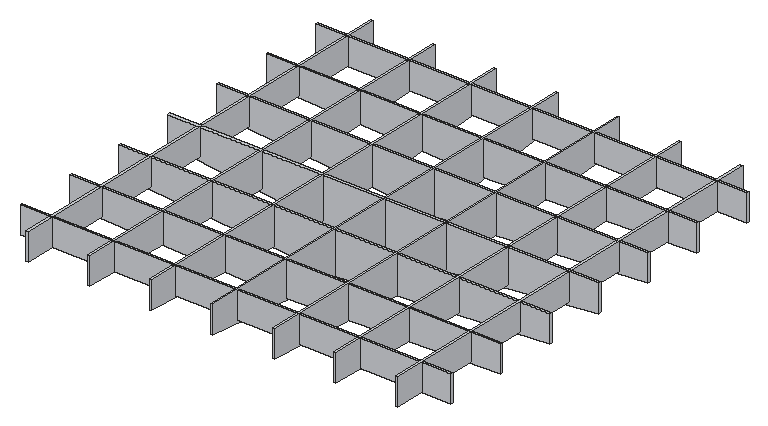
Revit family "J2 PET Felt Conic Cloud Grid", category Specialty Equipment, Revit 2021
Family settings
  Round Connector Dimension = Use Diameter
  Part Type = Normal
  Work Plane-Based = No
  Always vertical = Yes
  Cut with Voids When Loaded = No
  Shared = No
  Room Calculation Point = No
Parameters (values of type "Conic Cloud Grid 8'x8'")
  Nominal Width "Y" (Max. 8') = 8' - 0"
  URL = "https://www.j2systems.net/"
  Symbol Name = "CSCGCO"
  Style Number = "CSCGCO"
  Release Date = "2019"
  Product Line = "Ceiling System"
  Default End Spacing "Y" = ([Nominal Width "Y" (Max. 8')] / 7 / 2)  # 0' - 6.85714"
  Default End Spacing "X" = ([Nominal Length "X" (Max. 8')] / 7 / 2)  # 0' - 6.85714"
  Model = "Conic Cloud Grid"
  Manufacturer = "J2 Systems"  # constant formula
  Nominal Length "X" (Max. 8') = 8' - 0"
  Felt Color = none
  Default Elevation = 0' - 0"
  Default Baffle Spacing "Y" = ([Nominal Width "Y" (Max. 8')] / 7)  # 1' - 1.71429"
  Default Baffle Spacing "X" = ([Nominal Length "X" (Max. 8')] / 7)  # 1' - 1.71429"
  Baffle Height at Edges = 0' - 6"
  Overall Baffle Height = 0' - 11"
  Baffle Height C = ((Overall Baffle Height - Baffle Height at Edges) / 3 + Baffle Height at Edges)  # 0' - 7.66667"
  Baffle Height B = ((Overall Baffle Height - Baffle Height at Edges) / 3 * 2 + Baffle Height at Edges)  # 0' - 9.33333"
Types (3): name | Nominal Width "Y" (Max. 8') | Default End Spacing "Y" | Default End Spacing "X" | Nominal Length "X" (Max. 8') | Default Baffle Spacing "Y" | Default Baffle Spacing "X" | Baffle Height at Edges | Overall Baffle Height | Baffle Height C | Baffle Height B
  Conic Cloud Grid 8'x8' | 8' - 0" | 0' - 6.85714" | 0' - 6.85714" | 8' - 0" | 1' - 1.71429" | 1' - 1.71429" | 0' - 6" | 0' - 11" | 0' - 7.66667" | 0' - 9.33333"
  Conic Cloud Grid 4'x4' | 4' - 0" | 0' - 3.42857" | 0' - 3.42857" | 4' - 0" | 0' - 6.85714" | 0' - 6.85714" | 0' - 4" | 0' - 7" | 0' - 5" | 0' - 6"
  Conic Cloud Grid 6'x6' | 6' - 0" | 0' - 5.14286" | 0' - 5.14286" | 6' - 0" | 0' - 10.28571" | 0' - 10.28571" | 0' - 5" | 0' - 9" | 0' - 6.33333" | 0' - 7.66667"
Reference planes (in)
  plane 1 "Center (Front/Back)": y = 0
  plane 2: z = 0
  plane 3 "Center (Left/Right)": x = 0
  plane 4: y = 48
  plane 5: y = -48
  plane 6: x = -48
  plane 7: x = 48
  plane 8 "Top Edge": z = 11
  plane 9: y = 41.14286
  plane 10: y = -41.14286
  plane 11: x = -41.14286
  plane 12: x = 41.14286
  plane 13 "Center L/T": z = 5
  plane 14 "Center L/U": z = 3.33333
  plane 15 "Center L/V": z = 1.66667
  plane 16: x = -27.42857
  plane 17: x = -13.71429
  plane 18: x = 13.71429
  plane 19: x = 27.42857
  plane 20: y = 27.42857
  plane 21: y = 13.71429
  plane 22: y = -13.71429
  plane 23: y = -27.42857
Dimensions and locks (in)
  equal spacing: plane 4, plane 1 "Center (Front/Back)", plane 5
  equal spacing: plane 6, plane 3 "Center (Left/Right)", plane 7
  "Nominal Length "X" (Max. 8')": plane 4 to plane 5
  "Nominal Width "Y" (Max. 8')": plane 6 to plane 7
  "Overall Baffle Height": plane 8 "Top Edge" to level
  "Default End Spacing "X"": plane 4 to plane 9
  "Default End Spacing "X"": plane 10 to plane 5
  "Default End Spacing "Y"": plane 6 to plane 11
  "Default End Spacing "Y"": plane 12 to plane 7
  "Baffle Height at Edges": plane 8 "Top Edge" to plane 13 "Center L/T"
  "Baffle Height C": plane 8 "Top Edge" to plane 14 "Center L/U"
  "Baffle Height B": plane 8 "Top Edge" to plane 15 "Center L/V"
  "Default Baffle Spacing "Y"": plane 3 "Center (Left/Right)" to plane 18
  "Default Baffle Spacing "Y"": plane 17 to plane 3 "Center (Left/Right)"
  "Default Baffle Spacing "Y"": plane 16 to plane 17
  "Default Baffle Spacing "Y"": plane 18 to plane 19
  "Default Baffle Spacing "X"": plane 22 to plane 1 "Center (Front/Back)"
  "Default Baffle Spacing "X"": plane 1 "Center (Front/Back)" to plane 21
  "Default Baffle Spacing "X"": plane 22 to plane 23
  "Default Baffle Spacing "X"": plane 20 to plane 21
  group 1 to group 2 = 6' - 10.28571"
  group 1 to group 2 = 0' - 0"  (x2)
  group 3 to group 4 = 0' - 0"  (x2)
  group 3 to group 4 = 6' - 10.28571"
  aligned and locked: plane 2 to level
  aligned and locked: nested 1 to plane 10
  aligned and locked: plane 11 to nested 2
  aligned and locked: plane 8 "Top Edge" to nested 1
  aligned and locked: plane 8 "Top Edge" to nested 2
  aligned and locked: plane 12 to nested 3
  aligned and locked: nested 4 to plane 9
  aligned and locked: plane 1 "Center (Front/Back)" to nested 5
  aligned and locked: nested 6 to plane 3 "Center (Left/Right)"
  aligned and locked: nested 8 to plane 22
  aligned and locked: nested 7 to plane 21
  aligned and locked: nested 10 to plane 23
  aligned and locked: nested 9 to plane 20
  aligned and locked: nested 11 to plane 17
  aligned and locked: nested 12 to plane 18
  aligned and locked: nested 13 to plane 16
  aligned and locked: nested 14 to plane 19
  aligned and locked: plane 8 "Top Edge" to nested 8
  aligned and locked: plane 8 "Top Edge" to nested 7
  aligned and locked: plane 8 "Top Edge" to nested 10
  aligned and locked: plane 8 "Top Edge" to nested 9
  aligned and locked: plane 8 "Top Edge" to nested 13
  aligned and locked: plane 8 "Top Edge" to nested 11
  aligned and locked: plane 8 "Top Edge" to nested 12
  aligned and locked: plane 8 "Top Edge" to nested 14
  aligned and locked: plane 8 "Top Edge" to nested 4
  aligned and locked: plane 8 "Top Edge" to nested 3
Nested families (in)
  nested 1: "J2 PET Felt Rectangular Baffle Single" at (0, -41.14286, 5), type "Rectangular Baffle 7'-11" x 11""
    with Baffle Length - Max. 7'-11" 8' - 0", Baffle Height - Max. 3'-11" 0' - 6"
  nested 2: "J2 PET Felt Rectangular Baffle Single B" at (-41.14286, 0, 5) x (0, 1, 0) z (0, 0, 1), type "Rectangular Baffle 7'-11" x 11""
    with Baffle Length (Max. 7'-11") 8' - 0", Baffle Height (Max. 3'-11") 0' - 6"
  nested 3: "J2 PET Felt Rectangular Baffle Single B" at (41.14286, 0, 5) x (0, 1, 0) z (0, 0, 1), type "Rectangular Baffle 7'-11" x 11""
    with Baffle Length (Max. 7'-11") 8' - 0", Baffle Height (Max. 3'-11") 0' - 6"
  nested 4: "J2 PET Felt Rectangular Baffle Single" at (0, 41.14286, 5), type "Rectangular Baffle 7'-11" x 11""
    with Baffle Length - Max. 7'-11" 8' - 0", Baffle Height - Max. 3'-11" 0' - 6"
  nested 5: "J2 PET Felt Conic Baffle XA" at (0, 0, 0), type "Conic Baffle 7'-11" x 11""
    with Baffle Length (Max. 7'-11") 8' - 0", Baffle Height (Max. 3'-11") 0' - 11"
  nested 6: "J2 PET Felt Conic Baffle YA" at (0, 0, 0) x (0, -1, 0) z (0, 0, 1), type "Conic Baffle 7'-11" x 11""
    with Baffle Length (Max. 7'-11") 8' - 0", Baffle Height (Max. 3'-11") 0' - 11"
  nested 7: "J2 PET Felt Conic Baffle XB" at (0, 13.71429, 1.66667), type "Conic Baffle 7'-11" x 11""
    with Baffle Length (Max. 7'-11") 8' - 0", Baffle Height (Max. 3'-11") 0' - 9.33333"
  nested 8: "J2 PET Felt Conic Baffle XB" at (0, -13.71429, 1.66667), type "Conic Baffle 7'-11" x 11""
    with Baffle Length (Max. 7'-11") 8' - 0", Baffle Height (Max. 3'-11") 0' - 9.33333"
  nested 9: "J2 PET Felt Conic Baffle XC" at (0, 27.42857, 3.33333), type "Conic Baffle 7'-11" x 11""
    with Baffle Length (Max. 7'-11") 8' - 0", Baffle Height (Max. 3'-11") 0' - 7.66667"
  nested 10: "J2 PET Felt Conic Baffle XC" at (0, -27.42857, 3.33333), type "Conic Baffle 7'-11" x 11""
    with Baffle Length (Max. 7'-11") 8' - 0", Baffle Height (Max. 3'-11") 0' - 7.66667"
  nested 11: "J2 PET Felt Conic Baffle YB" at (-13.71429, 0, 1.66667) x (0, -1, 0) z (0, 0, 1), type "Conic Baffle 7'-11" x 11""
    with Baffle Length (Max. 7'-11") 8' - 0", Baffle Height (Max. 3'-11") 0' - 9.33333"
  nested 12: "J2 PET Felt Conic Baffle YB" at (13.71429, 0, 1.66667) x (0, -1, 0) z (0, 0, 1), type "Conic Baffle 7'-11" x 11""
    with Baffle Length (Max. 7'-11") 8' - 0", Baffle Height (Max. 3'-11") 0' - 9.33333"
  nested 13: "J2 PET Felt Conic Baffle YC" at (-27.42857, 0, 3.33333) x (0, -1, 0) z (0, 0, 1), type "Conic Baffle 7'-11" x 11""
    with Baffle Length (Max. 7'-11") 8' - 0", Baffle Height (Max. 3'-11") 0' - 7.66667"
  nested 14: "J2 PET Felt Conic Baffle YC" at (27.42857, 0, 3.33333) x (0, -1, 0) z (0, 0, 1), type "Conic Baffle 7'-11" x 11""
    with Baffle Length (Max. 7'-11") 8' - 0", Baffle Height (Max. 3'-11") 0' - 7.66667"
Definition of nested family "J2 PET Felt Rectangular Baffle Single"
  Parameters (values of type "Rectangular Baffle 7'-11" x 11"")
    URL = "https://www.j2systems.net/"
    Symbol Name = "CSBFRE"
    Style Number = "CSBFRE"
    Release Date = "2019"
    Product Line = "Ceiling System"
    Model = "Rectangular Baffle Single"
    Manufacturer = "J2 Systems"  # constant formula
    Baffle Length - Max. 7'-11" = 7' - 11"
    Felt Color = none
    Default Elevation = 0' - 0"
    Baffle Height - Max. 3'-11" = 0' - 11"
  Reference planes (in)
    plane 1 "Center (Front/Back)": y = 0
    plane 2: z = 0
    plane 3 "Center (Left/Right)": x = 0
    plane 4: y = 0.25
    plane 5: y = -0.25
    plane 6: x = -47.5
    plane 7: x = 47.5
    plane 8: z = 11
  Forms (in)
    Extrusion 1, solid, material <- "Felt Color"
      sketch origin (2.375, 0, 0) x (1, 0, 0) y (0, 1, 0)
        loop
          line (-49.875, 0.25) -> (-49.875, -0.25) -> (45.125, -0.25) -> (45.125, 0.25) -> (-49.875, 0.25)
      from 11 to 0
  Dimensions and locks (in)
    equal spacing: plane 6, plane 3 "Center (Left/Right)", plane 7
    "Baffle Length - Max. 7'-11"": plane 6 to plane 7
    "Baffle Height - Max. 3'-11"": plane 8 to level
    Extrusion 1 sketch curve to plane 1 "Center (Front/Back)" to Extrusion 1 sketch curve = 0' - 0 1/4" locked, 0' - 0 1/4" locked
    aligned and locked: plane 2 to level
    aligned and locked: Extrusion 1 to plane 6
    aligned and locked: Extrusion 1 to plane 4
    aligned and locked: Extrusion 1 to plane 5
    aligned and locked: Extrusion 1 sketch curve to plane 7
    aligned and locked: plane 6 to Extrusion 1 sketch curve
    aligned and locked: plane 8 to Extrusion 1
    aligned and locked: Extrusion 1 to level
Definition of nested family "J2 PET Felt Rectangular Baffle Single B"
  Parameters (values of type "Rectangular Baffle 7'-11" x 11"")
    URL = "https://www.j2systems.net/"
    Symbol Name = "CSBFRE"
    Style Number = "CSBFRE"
    Release Date = "2019"
    Product Line = "Ceiling System"
    Model = "Rectangular Baffle Single"
    Manufacturer = "J2 Systems"  # constant formula
    Baffle Length (Max. 7'-11") = 7' - 11"
    Felt Color = none
    Default Elevation = 0' - 0"
    Baffle Height (Max. 3'-11") = 0' - 11"
  Reference planes (in)
    plane 1 "Center (Front/Back)": y = 0
    plane 2: z = 0
    plane 3 "Center (Left/Right)": x = 0
    plane 4: y = 0.25
    plane 5: y = -0.25
    plane 6: x = -47.5
    plane 7: x = 47.5
    plane 8: z = 11
  Forms (in)
    Extrusion 1, solid, material <- "Felt Color"
      sketch origin (2.375, 0, 0) x (1, 0, 0) y (0, 1, 0)
        loop
          line (-49.875, 0.25) -> (-49.875, -0.25) -> (45.125, -0.25) -> (45.125, 0.25) -> (-49.875, 0.25)
      from 11 to 0
  Dimensions and locks (in)
    equal spacing: plane 6, plane 3 "Center (Left/Right)", plane 7
    "Baffle Length (Max. 7'-11")": plane 6 to plane 7
    "Baffle Height (Max. 3'-11")": plane 8 to level
    Extrusion 1 sketch curve to plane 1 "Center (Front/Back)" to Extrusion 1 sketch curve = 0' - 0 1/4" locked, 0' - 0 1/4" locked
    aligned and locked: plane 2 to level
    aligned and locked: Extrusion 1 to plane 6
    aligned and locked: Extrusion 1 to plane 4
    aligned and locked: Extrusion 1 to plane 5
    aligned and locked: Extrusion 1 sketch curve to plane 7
    aligned and locked: plane 6 to Extrusion 1 sketch curve
    aligned and locked: plane 8 to Extrusion 1
    aligned and locked: Extrusion 1 to level
Definition of nested family "J2 PET Felt Conic Baffle XA"
  Parameters (values of type "Conic Baffle 7'-11" x 11"")
    URL = "https://www.j2systems.net/"
    Symbol Name = "CSBFCO"
    Style Number = "CSBFCO"
    Release Date = "2019"
    Product Line = "Ceiling System"
    Model = "Conic Baffle Single"
    Manufacturer = "J2 Systems"  # constant formula
    Baffle Length (Max. 7'-11") = 7' - 11"
    Felt Color = none
    Default Elevation = 0' - 0"
    Baffle Height at Edge = 0' - 6"
    Baffle Height (Max. 3'-11") = 1' - 0"
  Reference planes (in)
    plane 1 "Center (Front/Back)": y = 0
    plane 2: z = 0
    plane 3 "Center (Left/Right)": x = 0
    plane 4: y = 0.25
    plane 5: y = -0.25
    plane 6: x = -47.5
    plane 7: x = 47.5
    plane 8: z = 12
    plane 9: z = 6
  Forms (in)
    Extrusion 1, solid, material <- "Felt Color"
      sketch origin (0, 0, 0) x (1, 0, 0) y (0, 0, 1)
        loop
          line (-47.5, 12) -> (-47.5, 6) -> (-0.03588, 0) -> (47.5, 6) -> (47.5, 12) -> (-47.5, 12)
      from -0.25 to 0.25
  Dimensions and locks (in)
    equal spacing: plane 6, plane 3 "Center (Left/Right)", plane 7
    "Baffle Length (Max. 7'-11")": plane 6 to plane 7
    "Baffle Height (Max. 3'-11")": plane 8 to level
    "Baffle Height at Edge": plane 8 to plane 9
    aligned and locked: plane 2 to level
    aligned and locked: Extrusion 1 sketch curve to plane 8
    aligned and locked: Extrusion 1 sketch curve to plane 6
    aligned and locked: Extrusion 1 sketch curve to plane 7
    aligned and locked: plane 9 to Extrusion 1 sketch curve  (x2)
    aligned and locked: level to Extrusion 1 sketch curve
  Automatic sketch dimensions
    Extrusion 1 sketch curve to plane 3 "Center (Left/Right)" = 0' - 0.03588"
Definition of nested family "J2 PET Felt Conic Baffle YA"
  Parameters (values of type "Conic Baffle 7'-11" x 11"")
    URL = "https://www.j2systems.net/"
    Symbol Name = "CSBFCO"
    Style Number = "CSBFCO"
    Release Date = "2019"
    Product Line = "Ceiling System"
    Model = "Conic Baffle Single"
    Manufacturer = "J2 Systems"  # constant formula
    Baffle Length (Max. 7'-11") = 7' - 11"
    Felt Color = none
    Default Elevation = 0' - 0"
    Baffle Height at Edge = 0' - 6"
    Baffle Height (Max. 3'-11") = 1' - 0"
  Reference planes (in)
    plane 1 "Center (Front/Back)": y = 0
    plane 2: z = 0
    plane 3 "Center (Left/Right)": x = 0
    plane 4: y = 0.25
    plane 5: y = -0.25
    plane 6: x = -47.5
    plane 7: x = 47.5
    plane 8: z = 12
    plane 9: z = 6
  Forms (in)
    Extrusion 1, solid, material <- "Felt Color"
      sketch origin (0, 0, 0) x (1, 0, 0) y (0, 0, 1)
        loop
          line (-47.5, 12) -> (-47.5, 6) -> (-0.03588, 0) -> (47.5, 6) -> (47.5, 12) -> (-47.5, 12)
      from -0.25 to 0.25
  Dimensions and locks (in)
    equal spacing: plane 6, plane 3 "Center (Left/Right)", plane 7
    "Baffle Length (Max. 7'-11")": plane 6 to plane 7
    "Baffle Height (Max. 3'-11")": plane 8 to level
    "Baffle Height at Edge": plane 8 to plane 9
    aligned and locked: plane 2 to level
    aligned and locked: Extrusion 1 sketch curve to plane 8
    aligned and locked: Extrusion 1 sketch curve to plane 6
    aligned and locked: Extrusion 1 sketch curve to plane 7
    aligned and locked: plane 9 to Extrusion 1 sketch curve  (x2)
    aligned and locked: level to Extrusion 1 sketch curve
  Automatic sketch dimensions
    Extrusion 1 sketch curve to plane 3 "Center (Left/Right)" = 0' - 0.03588"
Definition of nested family "J2 PET Felt Conic Baffle XB"
  Parameters (values of type "Conic Baffle 7'-11" x 11"")
    URL = "https://www.j2systems.net/"
    Symbol Name = "CSBFCO"
    Style Number = "CSBFCO"
    Release Date = "2019"
    Product Line = "Ceiling System"
    Model = "Conic Baffle Single"
    Manufacturer = "J2 Systems"  # constant formula
    Baffle Length (Max. 7'-11") = 7' - 11"
    Felt Color = none
    Default Elevation = 0' - 0"
    Baffle Height at Edge = 0' - 6"
    Baffle Height (Max. 3'-11") = 1' - 0"
  Reference planes (in)
    plane 1 "Center (Front/Back)": y = 0
    plane 2: z = 0
    plane 3 "Center (Left/Right)": x = 0
    plane 4: y = 0.25
    plane 5: y = -0.25
    plane 6: x = -47.5
    plane 7: x = 47.5
    plane 8: z = 12
    plane 9: z = 6
  Forms (in)
    Extrusion 1, solid, material <- "Felt Color"
      sketch origin (0, 0, 0) x (1, 0, 0) y (0, 0, 1)
        loop
          line (-47.5, 12) -> (-47.5, 6) -> (-0.03588, 0) -> (47.5, 6) -> (47.5, 12) -> (-47.5, 12)
      from -0.25 to 0.25
  Dimensions and locks (in)
    equal spacing: plane 6, plane 3 "Center (Left/Right)", plane 7
    "Baffle Length (Max. 7'-11")": plane 6 to plane 7
    "Baffle Height (Max. 3'-11")": plane 8 to level
    "Baffle Height at Edge": plane 8 to plane 9
    aligned and locked: plane 2 to level
    aligned and locked: Extrusion 1 sketch curve to plane 8
    aligned and locked: Extrusion 1 sketch curve to plane 6
    aligned and locked: Extrusion 1 sketch curve to plane 7
    aligned and locked: plane 9 to Extrusion 1 sketch curve  (x2)
    aligned and locked: level to Extrusion 1 sketch curve
  Automatic sketch dimensions
    Extrusion 1 sketch curve to plane 3 "Center (Left/Right)" = 0' - 0.03588"
Definition of nested family "J2 PET Felt Conic Baffle XC"
  Parameters (values of type "Conic Baffle 7'-11" x 11"")
    URL = "https://www.j2systems.net/"
    Symbol Name = "CSBFCO"
    Style Number = "CSBFCO"
    Release Date = "2019"
    Product Line = "Ceiling System"
    Model = "Conic Baffle Single"
    Manufacturer = "J2 Systems"  # constant formula
    Baffle Length (Max. 7'-11") = 7' - 11"
    Felt Color = none
    Default Elevation = 0' - 0"
    Baffle Height at Edge = 0' - 6"
    Baffle Height (Max. 3'-11") = 1' - 0"
  Reference planes (in)
    plane 1 "Center (Front/Back)": y = 0
    plane 2: z = 0
    plane 3 "Center (Left/Right)": x = 0
    plane 4: y = 0.25
    plane 5: y = -0.25
    plane 6: x = -47.5
    plane 7: x = 47.5
    plane 8: z = 12
    plane 9: z = 6
  Forms (in)
    Extrusion 1, solid, material <- "Felt Color"
      sketch origin (0, 0, 0) x (1, 0, 0) y (0, 0, 1)
        loop
          line (-47.5, 12) -> (-47.5, 6) -> (-0.03588, 0) -> (47.5, 6) -> (47.5, 12) -> (-47.5, 12)
      from -0.25 to 0.25
  Dimensions and locks (in)
    equal spacing: plane 6, plane 3 "Center (Left/Right)", plane 7
    "Baffle Length (Max. 7'-11")": plane 6 to plane 7
    "Baffle Height (Max. 3'-11")": plane 8 to level
    "Baffle Height at Edge": plane 8 to plane 9
    aligned and locked: plane 2 to level
    aligned and locked: Extrusion 1 sketch curve to plane 8
    aligned and locked: Extrusion 1 sketch curve to plane 6
    aligned and locked: Extrusion 1 sketch curve to plane 7
    aligned and locked: plane 9 to Extrusion 1 sketch curve  (x2)
    aligned and locked: level to Extrusion 1 sketch curve
  Automatic sketch dimensions
    Extrusion 1 sketch curve to plane 3 "Center (Left/Right)" = 0' - 0.03588"
Definition of nested family "J2 PET Felt Conic Baffle YB"
  Parameters (values of type "Conic Baffle 7'-11" x 11"")
    URL = "https://www.j2systems.net/"
    Symbol Name = "CSBFCO"
    Style Number = "CSBFCO"
    Release Date = "2019"
    Product Line = "Ceiling System"
    Model = "Conic Baffle Single"
    Manufacturer = "J2 Systems"  # constant formula
    Baffle Length (Max. 7'-11") = 7' - 11"
    Felt Color = none
    Default Elevation = 0' - 0"
    Baffle Height at Edge = 0' - 6"
    Baffle Height (Max. 3'-11") = 1' - 0"
  Reference planes (in)
    plane 1 "Center (Front/Back)": y = 0
    plane 2: z = 0
    plane 3 "Center (Left/Right)": x = 0
    plane 4: y = 0.25
    plane 5: y = -0.25
    plane 6: x = -47.5
    plane 7: x = 47.5
    plane 8: z = 12
    plane 9: z = 6
  Forms (in)
    Extrusion 1, solid, material <- "Felt Color"
      sketch origin (0, 0, 0) x (1, 0, 0) y (0, 0, 1)
        loop
          line (-47.5, 12) -> (-47.5, 6) -> (-0.03588, 0) -> (47.5, 6) -> (47.5, 12) -> (-47.5, 12)
      from -0.25 to 0.25
  Dimensions and locks (in)
    equal spacing: plane 6, plane 3 "Center (Left/Right)", plane 7
    "Baffle Length (Max. 7'-11")": plane 6 to plane 7
    "Baffle Height (Max. 3'-11")": plane 8 to level
    "Baffle Height at Edge": plane 8 to plane 9
    aligned and locked: plane 2 to level
    aligned and locked: Extrusion 1 sketch curve to plane 8
    aligned and locked: Extrusion 1 sketch curve to plane 6
    aligned and locked: Extrusion 1 sketch curve to plane 7
    aligned and locked: plane 9 to Extrusion 1 sketch curve  (x2)
    aligned and locked: level to Extrusion 1 sketch curve
  Automatic sketch dimensions
    Extrusion 1 sketch curve to plane 3 "Center (Left/Right)" = 0' - 0.03588"
Definition of nested family "J2 PET Felt Conic Baffle YC"
  Parameters (values of type "Conic Baffle 7'-11" x 11"")
    URL = "https://www.j2systems.net/"
    Symbol Name = "CSBFCO"
    Style Number = "CSBFCO"
    Release Date = "2019"
    Product Line = "Ceiling System"
    Model = "Conic Baffle Single"
    Manufacturer = "J2 Systems"  # constant formula
    Baffle Length (Max. 7'-11") = 7' - 11"
    Felt Color = none
    Default Elevation = 0' - 0"
    Baffle Height at Edge = 0' - 6"
    Baffle Height (Max. 3'-11") = 1' - 0"
  Reference planes (in)
    plane 1 "Center (Front/Back)": y = 0
    plane 2: z = 0
    plane 3 "Center (Left/Right)": x = 0
    plane 4: y = 0.25
    plane 5: y = -0.25
    plane 6: x = -47.5
    plane 7: x = 47.5
    plane 8: z = 12
    plane 9: z = 6
  Forms (in)
    Extrusion 1, solid, material <- "Felt Color"
      sketch origin (0, 0, 0) x (1, 0, 0) y (0, 0, 1)
        loop
          line (-47.5, 12) -> (-47.5, 6) -> (-0.03588, 0) -> (47.5, 6) -> (47.5, 12) -> (-47.5, 12)
      from -0.25 to 0.25
  Dimensions and locks (in)
    equal spacing: plane 6, plane 3 "Center (Left/Right)", plane 7
    "Baffle Length (Max. 7'-11")": plane 6 to plane 7
    "Baffle Height (Max. 3'-11")": plane 8 to level
    "Baffle Height at Edge": plane 8 to plane 9
    aligned and locked: plane 2 to level
    aligned and locked: Extrusion 1 sketch curve to plane 8
    aligned and locked: Extrusion 1 sketch curve to plane 6
    aligned and locked: Extrusion 1 sketch curve to plane 7
    aligned and locked: plane 9 to Extrusion 1 sketch curve  (x2)
    aligned and locked: level to Extrusion 1 sketch curve
  Automatic sketch dimensions
    Extrusion 1 sketch curve to plane 3 "Center (Left/Right)" = 0' - 0.03588"
